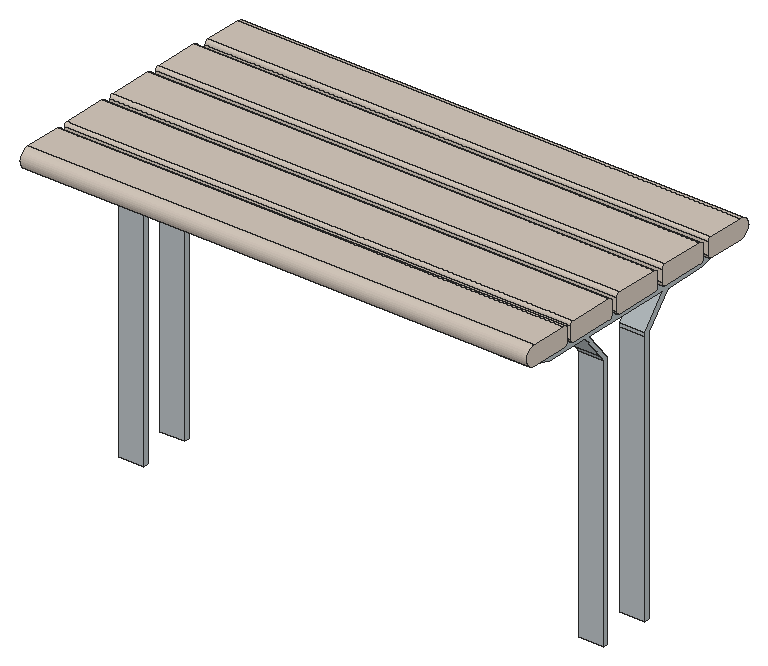
Revit family "Table Zeta", category Furniture, Revit 2020
Family settings
  OmniClass Number = 23.21.23.13.15
  Work Plane-Based = No
  Always vertical = Yes
  Cut with Voids When Loaded = No
  Shared = No
  Room Calculation Point = No
Parameters (values of type "8037074 Table Zeta")
  Uniclass 1.4 Description = "Furniture"
  Uniclass 1.4 Code = "L8211"
  URL = "https://www.hags.com/"
  QR code = ""
  Product url = "https://www.hags.com/park-urban/park-and-urban-products/tables/table-zeta"
  Product name = "Table Zeta"
  Product data url = ""
  Product SKU = ""
  Product Guid = ""
  OmniClass Description = "Tables"
  OmniClass Code = "23-21 23 13 15"
  Model = "8037074"
  Manufacturer name = "HAGS"
  Manufacturer = "Hags"
  IFC Classification = "Furniture"
  Edition number = 1
  Description = "Table Zeta"  # constant formula
  Default Elevation = 0 mm
  Construction material = Hags - Steel - Galvanized
  Body material_90 = Hags - Steel - Galvanized
  Body material = Hags - Wood - Tan
  BIMobject category = "Park and Urban Furniture"
Reference planes
  plane 1 "Center (Front/Back)": y = 0
  plane 2: z = 0
  plane 3 "Center (Left/Right)": x = 0
Forms (mm)
  Extrusion 1, solid, material "Hags - Wood - Tan" <- "Body material"
    sketch origin (-573.75, 0, 0) x (0, 1, 0) y (0, 0, 1)
      loop
        arc (837.741, 755) -> (832.204, 752.707) -> (829.91, 747.17) r 7.83
        line (829.91, 747.17) -> (829.91, 717.17)
        arc (829.91, 717.17) -> (832.516, 712.057) -> (837.873, 710) r 8.006
        line (837.873, 710) -> (925.373, 710)
        arc (925.373, 710) -> (947.873, 732.5) -> (925.373, 755) r 22.5
        line (925.373, 755) -> (837.741, 755)
    from 7.965 to 1200
  Extrusion 2, solid, material "Hags - Wood - Tan" <- "Body material"
    sketch origin (-575, 0, 0) x (0, 1, 0) y (0, 0, 1)
      loop
        line (806.873, 755) -> (702.873, 755)
        arc (702.873, 755) -> (697.216, 752.657) -> (694.873, 747) r 8
        line (694.873, 747) -> (694.873, 718)
        arc (694.873, 718) -> (697.216, 712.343) -> (702.873, 710) r 8
        line (702.873, 710) -> (806.873, 710)
        arc (806.873, 710) -> (812.53, 712.343) -> (814.873, 718) r 8
        line (814.873, 718) -> (814.873, 747)
        arc (814.873, 747) -> (812.53, 752.657) -> (806.873, 755) r 8
    from 0 to 1200
  Extrusion 3, solid, material "Hags - Wood - Tan" <- "Body material"
    sketch origin (-575, -135.2, -0.2) x (0, 1, 0) y (0, 0, 1)
      loop
        line (806.873, 755) -> (702.873, 755)
        arc (702.873, 755) -> (697.216, 752.657) -> (694.873, 747) r 8
        line (694.873, 747) -> (694.873, 718)
        arc (694.873, 718) -> (697.216, 712.343) -> (702.873, 710) r 8
        line (702.873, 710) -> (806.873, 710)
        arc (806.873, 710) -> (812.53, 712.343) -> (814.873, 718) r 8
        line (814.873, 718) -> (814.873, 747)
        arc (814.873, 747) -> (812.53, 752.657) -> (806.873, 755) r 8
    from 0 to 1200
  Extrusion 4, solid, material "Hags - Wood - Tan" <- "Body material"
    sketch origin (-575, -270.4, -0.4) x (0, 1, 0) y (0, 0, 1)
      loop
        line (806.873, 755) -> (702.873, 755)
        arc (702.873, 755) -> (697.216, 752.657) -> (694.873, 747) r 8
        line (694.873, 747) -> (694.873, 718)
        arc (694.873, 718) -> (697.216, 712.343) -> (702.873, 710) r 8
        line (702.873, 710) -> (806.873, 710)
        arc (806.873, 710) -> (812.53, 712.343) -> (814.873, 718) r 8
        line (814.873, 718) -> (814.873, 747)
        arc (814.873, 747) -> (812.53, 752.657) -> (806.873, 755) r 8
    from 0 to 1200
  Extrusion 5, solid, material "Hags - Wood - Tan" <- "Body material"
    sketch origin (-573.75, 1240.083, 1465.2) x (0, -1, 0) y (0, 0, -1)
      loop
        arc (837.741, 755) -> (832.204, 752.707) -> (829.91, 747.17) r 7.83
        line (829.91, 747.17) -> (829.91, 717.17)
        arc (829.91, 717.17) -> (832.516, 712.057) -> (837.873, 710) r 8.006
        line (837.873, 710) -> (925.373, 710)
        arc (925.373, 710) -> (947.873, 732.5) -> (925.373, 755) r 22.5
        line (925.373, 755) -> (837.741, 755)
    from 0 to 1200
  Extrusion 6, solid, material "Hags - Steel - Galvanized" <- "Construction material"
    sketch origin (-550, 0, 0) x (0, 1, 0) y (0, 0, 1)
      loop
        line (919.873, 710.2) -> (319.873, 710.2) -> (319.873, 701.968) -> (324.728, 697.114) -> (394.881, 676.998) -> (498.297, 676.998) -> (544.806, 619.563) -> (553.704, 606.856) -> (553.704, -0.053) -> (563.704, -0.053) -> (563.704, 610.94) -> (510.212, 676.998) -> (729.342, 676.998) -> (674.873, 612.084) -> (674.873, 604.947) -> (674.873, -0.053) -> (685.949, -0.053) -> (685.949, 609.947) -> (742.211, 676.998) -> (845.117, 676.998) -> (914.873, 697) -> (919.873, 702) -> (919.873, 710.2)
    from 0 to 60
  Extrusion 7, solid, material "Hags - Steel - Galvanized" <- "Construction material"
    sketch origin (539.215, 0, 0.2) x (0, 1, 0) y (0, 0, 1)
      loop
        line (919.873, 710.2) -> (319.873, 710.2) -> (319.873, 701.968) -> (324.728, 697.114) -> (394.881, 676.998) -> (498.297, 676.998) -> (544.806, 619.563) -> (553.704, 606.856) -> (553.704, -0.053) -> (563.704, -0.053) -> (563.704, 610.94) -> (510.212, 676.998) -> (729.342, 676.998) -> (674.873, 612.084) -> (674.873, 604.947) -> (674.873, -0.053) -> (685.949, -0.053) -> (685.949, 609.947) -> (742.211, 676.998) -> (845.117, 676.998) -> (914.873, 697) -> (919.873, 702) -> (919.873, 710.2)
    from 0 to 60
Dimensions and locks
  aligned and locked: level to plane 2
